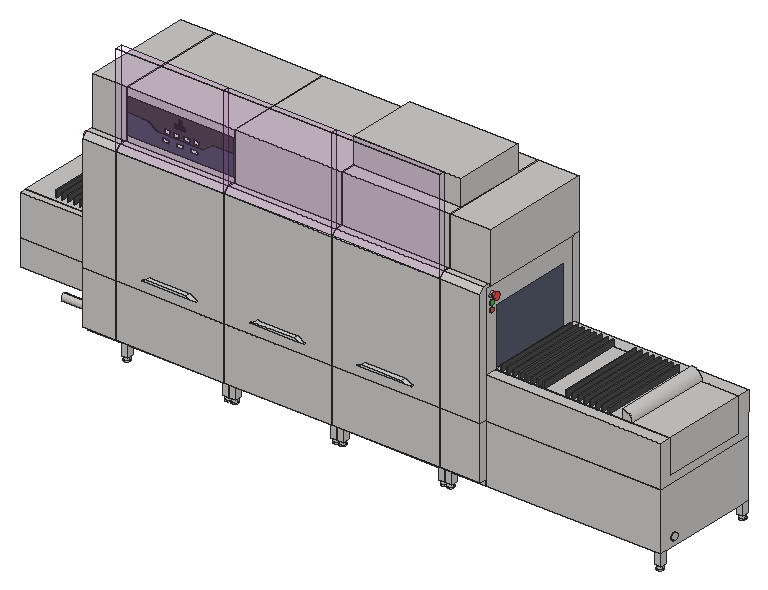
Revit family "QF_ELECTROLUXPROFESSIONAL_520710_EFTD052EL1U3D1M5L385", category Attrezzature speciali, Revit 2020
Family settings
  Quota connettore circolare = Usa diametro
  Tipo di parte = Normale
  Basato su piano di lavoro = No
  Sempre verticale = Sì
  Taglio con vuoti quando caricato = No
  Condiviso = No
  Punto di calcolo locali = No
Parameters (values of type "Standard")
  Weight = 923.00 kg
  Watts = 46500 W
  Volts = 380 V
  URL Manufacturer = "https://www.electroluxprofessional.com/"
  URL = "https://www.electroluxprofessional.com/"
  Steam Supply Size = 0 mm
  Steam Supply Minimum Pressure = 0.0 Pa
  Steam Supply Maximum Pressure = 0.0 Pa
  Steam Consumption per Hour = 0
  Show Logo [instance] = yes
  Show Clearance [instance] = yes
  Refrigeration Suction Line Size = 0 mm
  Refrigeration Liquid Line Size = 0 mm
  Refrigerant Compressor Remote = yes
  Prospetto di default = 0 mm
  Produttore = "Electrolux Professional"
  Phase = 3
  Modello = "EFTD052EL1U3D1M5L385"
  Length Actual = 4750 mm  # constant formula
  Item Number = "520710"
  Hot Water Size = 0 mm
  Height Actual = 1983 mm  # constant formula
  HP = "62.4 HP"
  Gas Size = 0 mm
  Gas KW = 0
  Gas Input Pressure = 0 W
  Direct Waste Size = 50.8 mm
  Descrizione = "FT, 1Tank, 5200D/H, El., 750mm loading, 1600mm unloading, 1Dryer, 55mm conveyor, L>R, 380V50Hz3P"
  Depth Actual = 946 mm  # constant formula
  Cycle = 50 Hz
  Condensate Return Size = 0 mm
  Compressed Air Volume = 0.0 L/s
  Compressed Air Size = 0 mm
  Compressed Air Pressure = 0.0 Pa
  Cold Water Size = 0 mm
  Accessory = yes
Reference planes
  plane 1 "Centro (Fronte/Retro)": y = 0
  plane 2: z = 0
  plane 3 "Centro (Sinistra/Destra)": x = 0
  plane 4: z = 115
Forms (mm)
  Extrusion 1, solid, material "QF_Finishes_Stainless Steel"
    sketch origin (432.404, 2, 1806.023) x (1, 0, 0) y (0, 0, 1)
      loop
        line (407.596, -163.023) -> (407.596, -183.023) -> (427.596, -183.023) -> (427.596, -163.023) -> (407.596, -163.023)
    from 0 to 2
  Extrusion 2, solid, material "QF_Finishes_Stainless Steel"
    sketch origin (4755.617, -1522.464, 1290.159) x (0, 0, -1) y (0, -1, 0)
      loop
        circle (1102.159, -772.464) r 25
    from -9.383 to 5.617
  Extrusion 3, solid, material "QF_Finishes_Stainless Steel"
    sketch origin (1092.404, 2, 337.984) x (1, 0, 0) y (0, 0, 1)
      loop
        line (407.596, -163.023) -> (407.596, -183.023) -> (427.596, -183.023) -> (427.596, -163.023) -> (407.596, -163.023)
    from 0 to 2
  Extrusion 4, solid, material "QF_Finishes_Stainless Steel"
    sketch origin (1526.841, 200.464, 109.383) x (1, 0, 0) y (0, 1, 0)
      loop
        circle (1102.159, -772.464) r 10
    from -9.383 to 5.617
  Extrusion 5, solid, material "QF_Finishes_Stainless Steel"
    sketch origin (244.383, 22.464, 1290.159) x (0, 0, -1) y (0, 1, 0)
      loop
        circle (1102.159, -772.464) r 25
    from -9.383 to 255.617
  Extrusion 6, solid, material "QF_Finishes_Stainless Steel"
    sketch origin (1597.841, 200.464, 109.383) x (1, 0, 0) y (0, 1, 0)
      loop
        circle (1102.159, -772.464) r 10
    from -9.383 to 5.617
Dimensions and locks
  plane 4 to level = 115 mm
  aligned and locked: level to plane 2
Nested families
  nested 1: "MODULO_CENTER_800_FAN" at (2733.563, -388.258, 0), Show Clearance <- "Show Clearance", type "MODULO_CENTER_800_FAN"
    with Show Logo yes, Show Clearance yes, R_L no, L_R yes
  nested 2: "MODULO_CENTER_800" at (1133.563, -388.258, 0), Show Clearance <- "Show Clearance", type "MODULO_CENTER_800"
    with Show Logo yes, Show Clearance yes, R_L no, L_R yes
  nested 3: "MODULO_ENTRY_DISH_750" at (358.563, -388.258, 0), type "MODULO_ENTRY_DISH_750"
    with Show Logo yes, Show Clearance yes, R_L no, L_R yes
  nested 4: "MODULO_USCITA_DISH_1600" at (3508.563, -388.258, 0), type "MODULO_USCITA_DISH_1600"
    with Show Logo yes, Show Clearance yes, R_L yes, L_R no
  nested 5: "Piedino_Square_115H" at (4726.5, -73.5, 0) x (-1, 0, 0) z (0, 0, 1), type "Piedino_Square_115H"
  nested 6: "Piedino_Square_115H" at (4726.5, -838.5, 0) x (-1, 0, 0) z (0, 0, 1), type "Piedino_Square_115H"
  nested 7: "Piedino_Square_115H" at (3173.5, -73.5, 0) x (-1, 0, 0) z (0, 0, 1), type "Piedino_Square_115H"
  nested 8: "Piedino_Square_115H" at (3173.5, -838.5, 0) x (-1, 0, 0) z (0, 0, 1), type "Piedino_Square_115H"
  nested 9: "Piedino_Square_115H" at (1573.5, -838.5, 0), type "Piedino_Square_115H"
  nested 10: "Piedino_Square_115H" at (1573.5, -73.5, 0), type "Piedino_Square_115H"
  nested 11: "Piedino_Square_115H" at (2326.5, -838.5, 0), type "Piedino_Square_115H"
  nested 12: "Piedino_Square_115H" at (2326.5, -73.5, 0), type "Piedino_Square_115H"
  nested 13: "Piedino_Square_115H" at (2373.5, -838.5, 0) x (-1, 0, 0) z (0, 0, 1), type "Piedino_Square_115H"
  nested 14: "Piedino_Square_115H" at (2373.5, -73.5, 0) x (-1, 0, 0) z (0, 0, 1), type "Piedino_Square_115H"
  nested 15: "Piedino_Square_115H" at (3126.5, -838.5, 0) x (-1, 0, 0) z (0, 0, 1), type "Piedino_Square_115H"
  nested 16: "Piedino_Square_115H" at (3126.5, -73.5, 0) x (-1, 0, 0) z (0, 0, 1), type "Piedino_Square_115H"
  nested 17: "Piedino_Square_115H" at (773.5, -838.5, 0), type "Piedino_Square_115H"
  nested 18: "Piedino_Square_115H" at (773.5, -73.5, 0), type "Piedino_Square_115H"
  nested 19: "Piedino_Square_115H" at (1526.5, -838.5, 0), type "Piedino_Square_115H"
  nested 20: "Piedino_Square_115H" at (1526.5, -73.5, 0), type "Piedino_Square_115H"
  nested 21: "MANIGLIA_FLIGHT_400" at (1150, -912, 639.28) x (1, 0, 0) z (0, -1, 0), type "MANIGLIA_FLIGHT_400"
  nested 22: "MANIGLIA_FLIGHT_400" at (2750, -912, 639.28) x (1, 0, 0) z (0, -1, 0), type "MANIGLIA_FLIGHT_400"
  nested 23: "MANIGLIA_FLIGHT_400" at (1950, -912, 639.28) x (1, 0, 0) z (0, -1, 0), type "MANIGLIA_FLIGHT_400"
  nested 24: "MODULO_CENTER_800" at (1966.437, -388.258, 0) x (-1, 0, 0) z (0, 0, 1), Show Clearance <- "Show Clearance", type "MODULO_CENTER_800"
    with Show Logo yes, Show Clearance yes, R_L no, L_R yes
  nested 25: "Schermo_Flight_800" at (1150, -815, 1583) x (1, 0, 0) z (0, -1, 0), type "Schermo_Flight_800"
  nested 26: "ELX_LOGO_WORDS_WHITE" at (1150, -816.6, 1663) x (1, 0, 0) z (0, -1, 0), Show Logo <- "Show Logo", visible <- "Show Logo", type "ELX_LOGO_WORDS_WHITE"
    with Show Logo yes
  nested 27: "ELX_LOGO_MONO_SMALL_WHITE" at (1140.08, -816.6, 1649) x (-1, 0, 0) z (0, -1, 0), Show Logo <- "Show Logo", visible <- "Show Logo", type "ELX_LOGO_MONO_SMALL_WHITE"
    with Show Logo yes
Connectors
  electrical at (850, 2, 1633)
    settings: on Extrusion 1, index 69, voltage 0 V, apparent load 0 VA, apparent load phase1 0 VA, apparent load phase2 0 VA, apparent load phase3 0 VA, power factor 1, load classification "Altro", number of poles 1, system type 30, power factor state 1, is connector primary yes, connector utility no, sub classification motor no, connector description "EI"
  piping at (4765, -750, 188), diameter 50
    settings: on Extrusion 2, index 70, connector inside diameter 609.6 mm, connector length 0 mm, flow factor 0, pipe flow 0.0 L/s, pressure drop 0.0 Pa, fitting loss kfactor 0, connector angle 0.00°, fixture units 0, engagement length 0 mm, angle of deflection 0.00°, flow configuration 0, flow direction 0, fitting loss method 0, system type 29, joint type 0, gender type 0, connector reference index -1, connector utility 0, adjustable connector no, is connector primary yes, connector description "D"
  electrical at (1510, 2, 164.961)
    settings: on Extrusion 3, index 71, voltage 0 V, apparent load 0 VA, apparent load phase1 0 VA, apparent load phase2 0 VA, apparent load phase3 0 VA, power factor 1, load classification "Altro", number of poles 1, system type 30, power factor state 1, is connector primary no, connector utility no, sub classification motor no, connector description "EQ"
  piping at (2629, -572, 100), diameter 19.1
    settings: on Extrusion 4, index 72, connector inside diameter 609.6 mm, connector length 0 mm, flow factor 0, pipe flow 0.0 L/s, pressure drop 0.0 Pa, fitting loss kfactor 0, connector angle 0.00°, fixture units 0, engagement length 0 mm, angle of deflection 0.00°, flow configuration 0, flow direction 0, fitting loss method 0, system type 29, joint type 0, gender type 0, connector reference index -1, connector utility 0, adjustable connector no, is connector primary no, connector description "HWI/CWI"
  piping at (235, -750, 188), diameter 50
    settings: on Extrusion 5, index 73, connector inside diameter 609.6 mm, connector length 0 mm, flow factor 0, pipe flow 0.0 L/s, pressure drop 0.0 Pa, fitting loss kfactor 0, connector angle 0.00°, fixture units 0, engagement length 0 mm, angle of deflection 0.00°, flow configuration 0, flow direction 0, fitting loss method 0, system type 29, joint type 0, gender type 0, connector reference index -1, connector utility 0, adjustable connector no, is connector primary no, connector description "D"
  piping at (2700, -572, 100), diameter 19.1
    settings: on Extrusion 6, index 74, connector inside diameter 609.6 mm, connector length 0 mm, flow factor 0, pipe flow 0.0 L/s, pressure drop 0.0 Pa, fitting loss kfactor 0, connector angle 0.00°, fixture units 0, engagement length 0 mm, angle of deflection 0.00°, flow configuration 0, flow direction 0, fitting loss method 0, system type 29, joint type 0, gender type 0, connector reference index -1, connector utility 0, adjustable connector no, is connector primary no, connector description "HWI/CWI"
Definition of nested family "MODULO_CENTER_800_FAN"
  Parameters (values of type "MODULO_CENTER_800_FAN")
    URL = "http://professional.electrolux.com"
    Show Logo [instance] = yes
    R_L [instance] = not(L_R)  # no
    Default Elevation = 0 mm
    Manufacturer = "Electrolux"
    Model = "ESR10E5"
    Length Actual = 800 mm
    Show Clearance [instance] = yes
    L_R [instance] = yes
    Height Actual = 1792 mm
    Description = "SINGLE RINSE RT, 100R/H, ELECTRIC 50HZ"
    Depth Actual = 912 mm
  Reference planes
    plane 1 "Center X": y = -67.742
    plane 2: z = 0
    plane 3 "LEFT": x = -383.563
    plane 4 "RIGHT": x = 416.437
    plane 5 "BACK": y = 388.258
    plane 6 "FEET": z = 115
    plane 7: z = 2092
    plane 8 "TOP": z = 1792
    plane 9 "FRONT": y = -523.742
    plane 10 "Left/Right": x = 16.437
    plane 11 "TopVent": z = 1983
  Forms (mm)
    Extrusion 1, solid
      sketch origin (416.437, 479.936, 4000) x (0, 1, 0) y (0, 0, 1)
        loop
          line (-91.678, -2208) -> (-906.678, -2208) -> (-906.678, -2580) -> (-91.678, -2580) -> (-91.678, -2208)
      from -800 to 0
    Extrusion 2, solid
      sketch origin (-383.563, 437.565, 3910) x (0, 1, 0) y (0, 0, 1)
        loop
          line (-99.307, -2490) -> (-911.307, -2490) -> (-911.307, -3552) -> (-99.307, -3552) -> (-99.307, -2490)
      from 800 to 0
    Extrusion 3, solid
      sketch origin (416.437, 479.936, 4299) x (0, 1, 0) y (0, 0, 1)
        loop
          line (-278.21, -2316) -> (-803.678, -2316) -> (-803.678, -2507) -> (-278.21, -2507) -> (-278.21, -2316)
      from -800 to 0
    Extrusion 4, solid
      sketch origin (16.437, 0, 1.5) x (0, 0, 1) y (0, -1, 0)
        loop
          line (356.5, -338.258) -> (356.5, 473.742) -> (113.5, 473.742) -> (113.5, -338.258) -> (356.5, -338.258)
      from 400 to -400
    Extrusion 5, solid
      sketch origin (16.437, 0, 0) x (0, 0, 1) y (0, -1, 0)
        loop
          line (1420, -338.258) -> (545, -338.258) -> (545, -388.258) -> (1420, -388.258) -> (1420, -338.258)
      from -400 to 400
    Extrusion 6, solid
      sketch origin (16.437, 0, 0) x (0, 0, 1) y (0, -1, 0)
        loop
          line (545, -388.258) -> (545, -338.258) -> (154, -338.258) -> (154, -388.258) -> (545, -388.258)
      from -400 to 400
    Extrusion 7, solid
      sketch origin (16.437, -882.484, -150) x (0, -1, 0) y (0, 0, 1)
        loop
          line (-358.742, 304) -> (-358.742, 695) -> (-408.742, 695) -> (-408.742, 304) -> (-358.742, 304)
      from -400 to 400
    Extrusion 8, solid
      sketch origin (16.437, -882.484, -151) x (0, -1, 0) y (0, 0, 1)
        loop
          line (-408.742, 1571) -> (-408.742, 696) -> (-358.742, 696) -> (-358.742, 1556) -> (-395.742, 1593) -> (-443.742, 1593) -> (-443.742, 1571) -> (-408.742, 1571)
      from -400 to 400
    Extrusion 9, solid, visible <- "Show Clearance"
      sketch origin (16.437, -882.484, 452) x (0, -1, 0) y (0, 0, 1)
        loop
          line (-408.742, 1640) -> (-408.742, 953.624) -> (-358.742, 953.624) -> (-358.742, 1640) -> (-408.742, 1640)
      from -400 to 400
  Dimensions and locks
    plane 3 "LEFT" to plane 4 "RIGHT" = 800 mm
    plane 5 "BACK" to plane 1 "Center X" to plane 9 "FRONT" = 456 mm, 456 mm
    plane 6 "FEET" to level = 115 mm  (x2)
    plane 6 "FEET" to plane 8 "TOP" = 1677 mm
    plane 5 "BACK" to plane 9 "FRONT" = 912 mm  (x2)
    plane 4 "RIGHT" to plane 3 "LEFT" = 800 mm
    plane 9 "FRONT" to plane 5 "BACK" = 912 mm
    level to plane 8 "TOP" = 1792 mm  (x2)
    plane 7 to level = 2092 mm
    plane 11 "TopVent" to plane 2 = 1983 mm
    plane 7 to plane 2 = 2092 mm
    Extrusion 2 to level = 1420 mm
    Extrusion 8 to level = 1442 mm
    plane 11 "TopVent" to level = 1983 mm
    aligned and locked: level to plane 2
Definition of nested family "MODULO_CENTER_800"
  Parameters (values of type "MODULO_CENTER_800")
    URL = "http://professional.electrolux.com"
    Show Logo [instance] = yes
    R_L [instance] = not(L_R)  # no
    Default Elevation = 0 mm
    Manufacturer = "Electrolux"
    Model = "ESR10E5"
    Length Actual = 800 mm
    Show Clearance [instance] = yes
    L_R [instance] = yes
    Height Actual = 1792 mm
    Description = "SINGLE RINSE RT, 100R/H, ELECTRIC 50HZ"
    Depth Actual = 912 mm
  Reference planes
    plane 1 "Center X": y = -67.742
    plane 2: z = 0
    plane 3 "LEFT": x = -383.563
    plane 4 "RIGHT": x = 416.437
    plane 5 "BACK": y = 388.258
    plane 6 "FEET": z = 115
    plane 7: z = 2092
    plane 8 "TOP": z = 1792
    plane 9 "FRONT": y = -523.742
    plane 10 "Left/Right": x = 16.437
  Forms (mm)
    Extrusion 1, solid
      sketch origin (416.437, 479.936, 4000) x (0, 1, 0) y (0, 0, 1)
        loop
          line (-91.678, -2208) -> (-906.678, -2208) -> (-906.678, -2580) -> (-91.678, -2580) -> (-91.678, -2208)
      from -800 to 0
    Extrusion 2, solid
      sketch origin (-383.563, 437.565, 3915) x (0, 1, 0) y (0, 0, 1)
        loop
          line (-99.307, -2495) -> (-911.307, -2495) -> (-911.307, -3557) -> (-99.307, -3557) -> (-99.307, -2495)
      from 800 to 0
    Extrusion 3, solid
      sketch origin (16.437, 0, 1.5) x (0, 0, 1) y (0, -1, 0)
        loop
          line (356.5, -338.258) -> (356.5, 473.742) -> (113.5, 473.742) -> (113.5, -338.258) -> (356.5, -338.258)
      from 400 to -400
    Extrusion 4, solid
      sketch origin (16.437, 0, 0) x (0, 0, 1) y (0, -1, 0)
        loop
          line (1420, -338.258) -> (545, -338.258) -> (545, -388.258) -> (1420, -388.258) -> (1420, -338.258)
      from -400 to 400
    Extrusion 5, solid
      sketch origin (16.437, 0, 0) x (0, 0, 1) y (0, -1, 0)
        loop
          line (545, -388.258) -> (545, -338.258) -> (154, -338.258) -> (154, -388.258) -> (545, -388.258)
      from -400 to 400
    Extrusion 6, solid
      sketch origin (16.437, -882.484, -150) x (0, -1, 0) y (0, 0, 1)
        loop
          line (-358.742, 304) -> (-358.742, 695) -> (-408.742, 695) -> (-408.742, 304) -> (-358.742, 304)
      from -400 to 400
    Extrusion 7, solid
      sketch origin (16.437, -882.484, -151) x (0, -1, 0) y (0, 0, 1)
        loop
          line (-408.742, 1571) -> (-408.742, 696) -> (-358.742, 696) -> (-358.742, 1556) -> (-395.742, 1593) -> (-443.742, 1593) -> (-443.742, 1571) -> (-408.742, 1571)
      from -400 to 400
    Extrusion 8, solid, visible <- "Show Clearance"
      sketch origin (16.437, -882.484, 452) x (0, -1, 0) y (0, 0, 1)
        loop
          line (-408.742, 1640) -> (-408.742, 953.624) -> (-358.742, 953.624) -> (-358.742, 1640) -> (-408.742, 1640)
      from -400 to 400
  Dimensions and locks
    plane 3 "LEFT" to plane 4 "RIGHT" = 800 mm
    plane 5 "BACK" to plane 1 "Center X" to plane 9 "FRONT" = 456 mm, 456 mm
    plane 6 "FEET" to level = 115 mm  (x2)
    plane 6 "FEET" to plane 8 "TOP" = 1677 mm
    plane 5 "BACK" to plane 9 "FRONT" = 912 mm  (x2)
    plane 4 "RIGHT" to plane 3 "LEFT" = 800 mm
    plane 9 "FRONT" to plane 5 "BACK" = 912 mm
    level to plane 8 "TOP" = 1792 mm  (x2)
    plane 7 to level = 2092 mm
    plane 7 to plane 2 = 2092 mm
    Extrusion 2 to level = 1420 mm
    Extrusion 7 to level = 1442 mm
    aligned and locked: level to plane 2
Definition of nested family "MODULO_ENTRY_DISH_750"
  Parameters (values of type "MODULO_ENTRY_DISH_750")
    URL = "http://professional.electrolux.com"
    Show Logo [instance] = yes
    R_L [instance] = not(L_R)  # no
    Default Elevation = 0 mm
    Manufacturer = "Electrolux"
    Model = "ESR10E5"
    Length Actual = 800 mm
    Show Clearance [instance] = yes
    L_R [instance] = yes
    Height Actual = 1792 mm
    Description = "SINGLE RINSE RT, 100R/H, ELECTRIC 50HZ"
    Depth Actual = 912 mm
  Reference planes
    plane 1 "Center (Front/Back)": y = -67.742
    plane 2: z = 0
    plane 3 "LEFT": x = -358.563
    plane 4 "RIGHT": x = 391.437
    plane 5 "BACK": y = 388.258
    plane 6 "FRONT": y = -523.742
    plane 7 "Left/Right": x = 16.437
    plane 8 "BUTTONS": y = -427.742
    plane 9: z = 115
    plane 10 "2": y = 292.258
  Forms (mm)
    Extrusion 1, solid, visible <- "L_R"
      sketch origin (391.437, 479.936, 4000) x (0, 1, 0) y (0, 0, 1)
        loop
          line (-91.678, -2208) -> (-906.678, -2208) -> (-906.678, -2580) -> (-91.678, -2580) -> (-91.678, -2208)
      from -250 to 0
    Extrusion 2, solid
      sketch origin (-358.563, 437.565, 3910) x (0, 1, 0) y (0, 0, 1)
        loop
          line (-99.307, -2490) -> (-911.307, -2490) -> (-911.307, -3552) -> (-99.307, -3552) -> (-99.307, -2490)
      from 750 to 500
    Extrusion 3, solid
      sketch origin (-358.563, 437.565, 3910) x (0, 1, 0) y (0, 0, 1)
        loop
          line (-99.307, -3365) -> (-99.307, -3060) -> (-149.307, -3060) -> (-149.307, -3315) -> (-861.307, -3315) -> (-861.307, -3060) -> (-911.307, -3060) -> (-911.307, -3365) -> (-99.307, -3365)
      from 500 to 0
    Extrusion 4, solid
      sketch origin (16.437, 0, -4.987) x (0, 0, 1) y (0, -1, 0)
        loop
          line (362.987, -338.258) -> (362.987, 473.742) -> (119.987, 473.742) -> (119.987, -338.258) -> (362.987, -338.258)
      from 375 to 125
    Extrusion 5, solid, visible <- "L_R"
      sketch origin (16.437, 0, 0) x (0, 0, 1) y (0, -1, 0)
        loop
          line (1420, -338.258) -> (545, -338.258) -> (545, -388.258) -> (1420, -388.258) -> (1420, -338.258)
      from 125 to 375
    Extrusion 6, solid
      sketch origin (16.437, 0, 0) x (0, 0, 1) y (0, -1, 0)
        loop
          line (545, -388.258) -> (545, -338.258) -> (154, -338.258) -> (154, -388.258) -> (545, -388.258)
      from 125 to 375
    Extrusion 7, solid
      sketch origin (-358.563, 437.565, 3607.258) x (0, 1, 0) y (0, 0, 1)
        loop
          line (-99.307, -3249.258) -> (-99.307, -3062.258) -> (-911.307, -3062.258) -> (-911.307, -3249.258) -> (-99.307, -3249.258)
      from 500 to 0
    Extrusion 8, solid
      sketch origin (-358.563, 437.565, 4000) x (0, 1, 0) y (0, 0, 1)
        loop
          line (-149.307, -3150) -> (-861.307, -3150) -> (-861.307, -3405) -> (-149.307, -3405) -> (-149.307, -3150)
      from 0 to 500
    Extrusion 9, solid
      sketch origin (266.437, -882.484, -150) x (0, -1, 0) y (0, 0, 1)
        loop
          line (-358.742, 304) -> (-358.742, 695) -> (-408.742, 695) -> (-408.742, 304) -> (-358.742, 304)
      from -125 to 125
    Extrusion 10, solid, visible <- "L_R"
      sketch origin (266.437, -882.484, -151) x (0, -1, 0) y (0, 0, 1)
        loop
          line (-408.742, 1571) -> (-408.742, 696) -> (-358.742, 696) -> (-358.742, 1556) -> (-395.742, 1593) -> (-443.742, 1593) -> (-443.742, 1571) -> (-408.742, 1571)
      from -125 to 125
    Extrusion 11, solid
      sketch origin (-358.563, 437.565, 4000) x (0, 1, 0) y (0, 0, 1)
        loop
          line (-199.307, -2725.701) -> (-811.307, -2725.701) -> (-811.307, -3137.701) -> (-199.307, -3137.701) -> (-199.307, -2725.701)
      from 495.458 to 500
    Extrusion 12, solid, visible <- "R_L"
      sketch origin (266.437, 747, -151) x (0, 1, 0) y (0, 0, -1)
        loop
          line (-408.742, -1571) -> (-443.742, -1571) -> (-443.742, -1593) -> (-395.742, -1593) -> (-358.742, -1556) -> (-358.742, -696) -> (-408.742, -696) -> (-408.742, -1571)
      from -125 to 125
    Extrusion 13, solid, visible <- "R_L"
      sketch origin (16.437, -135.484, 0) x (0, 0, 1) y (0, -1, 0)
        loop
          line (1420, 338.258) -> (1420, 388.258) -> (545, 388.258) -> (545, 338.258) -> (1420, 338.258)
      from 125 to 375
    Extrusion 14, solid, visible <- "R_L"
      sketch origin (391.437, -615.42, 4000) x (0, -1, 0) y (0, 0, -1)
        loop
          line (-91.678, 2208) -> (-91.678, 2580) -> (-906.678, 2580) -> (-906.678, 2208) -> (-91.678, 2208)
      from -250 to 0
    Extrusion 15, solid
      sketch origin (-191.477, -192.742, -3) x (-1, 0, 0) y (0, 0, 1)
        loop
          line (-26.676, 853) -> (-26.676, 898) -> (-36.676, 898) -> (-36.676, 853) -> (-26.676, 853)
      from -196 to 446
    Extrusion 16, solid
      sketch origin (-146.477, -192.742, -3) x (-1, 0, 0) y (0, 0, 1)
        loop
          line (-26.676, 853) -> (-26.676, 898) -> (-36.676, 898) -> (-36.676, 853) -> (-26.676, 853)
      from -196 to 446
    Extrusion 17, solid
      sketch origin (-101.477, -192.742, -3) x (-1, 0, 0) y (0, 0, 1)
        loop
          line (-26.676, 853) -> (-26.676, 898) -> (-36.676, 898) -> (-36.676, 853) -> (-26.676, 853)
      from -196 to 446
    Extrusion 18, solid
      sketch origin (-56.477, -192.742, -3) x (-1, 0, 0) y (0, 0, 1)
        loop
          line (-26.676, 853) -> (-26.676, 898) -> (-36.676, 898) -> (-36.676, 853) -> (-26.676, 853)
      from -196 to 446
    Extrusion 19, solid
      sketch origin (-11.477, -192.742, -3) x (-1, 0, 0) y (0, 0, 1)
        loop
          line (-26.676, 853) -> (-26.676, 898) -> (-36.676, 898) -> (-36.676, 853) -> (-26.676, 853)
      from -196 to 446
    Extrusion 20, solid
      sketch origin (33.523, -192.742, -3) x (-1, 0, 0) y (0, 0, 1)
        loop
          line (-26.676, 853) -> (-26.676, 898) -> (-36.676, 898) -> (-36.676, 853) -> (-26.676, 853)
      from -196 to 446
  Dimensions and locks
    plane 3 "LEFT" to plane 4 "RIGHT" = 750 mm
    plane 5 "BACK" to plane 1 "Center (Front/Back)" to plane 6 "FRONT" = 456 mm, 456 mm
    plane 5 "BACK" to plane 6 "FRONT" = 912 mm  (x2)
    plane 4 "RIGHT" to plane 3 "LEFT" = 750 mm  (x2)
    plane 6 "FRONT" to plane 5 "BACK" = 912 mm
    plane 9 to level = 115 mm
    Extrusion 1 to level = 1792 mm
    Extrusion 3 to level = 850 mm
    aligned and locked: level to plane 2
  Nested families
    nested 1: "BOTTONE_RED_STOP" at (141.437, -427.742, 1266.906) x (0, -1, 0) z (-1, 0, 0), visible <- "L_R", type "BOTTONE_RED_STOP"
    nested 2: "BOTTONE_EMERGENCY_STOP" at (141.437, -427.742, 1370) x (0, -1, 0) z (-1, 0, 0), visible <- "L_R", type "BOTTONE_EMERGENCY_STOP"
    nested 3: "BOTTONE_GREEN_START" at (141.437, -427.742, 1316.906) x (0, -1, 0) z (-1, 0, 0), visible <- "L_R", type "BOTTONE_GREEN_START"
    nested 4: "BOTTONE_RED_STOP" at (141.437, 292.258, 1267.906) x (0, 1, 0) z (-1, 0, 0), visible <- "R_L", type "BOTTONE_RED_STOP"
    nested 5: "BOTTONE_EMERGENCY_STOP" at (141.437, 292.258, 1371) x (0, 1, 0) z (-1, 0, 0), visible <- "R_L", type "BOTTONE_EMERGENCY_STOP"
    nested 6: "BOTTONE_GREEN_START" at (141.437, 292.258, 1317.906) x (0, 1, 0) z (-1, 0, 0), visible <- "R_L", type "BOTTONE_GREEN_START"
  Definition of nested family "BOTTONE_RED_STOP"
    Parameters (values of type "BOTTONE_RED_STOP")
      Default Elevation = 1219.2 mm
    Reference planes
      plane 1 "Centro (Fronte/Retro)": y = 0
      plane 2: z = 0
      plane 3 "Centro (Sinistra/Destra)": x = 0
    Forms (mm)
      Extrusion 1, solid
        sketch origin (0, 0, 0) x (1, 0, 0) y (0, 1, 0)
          loop
            line (-1219.2, 1219.2) -> (-1219.2, -1219.2) -> (1219.2, -1219.2) -> (1219.2, 1219.2) -> (-1219.2, 1219.2)
        from 0 to -304.8
      Extrusion 2, solid
        sketch origin (-367.513, 69.533, 15) x (-1, 0, 0) y (0, 1, 0)
          loop
            circle (-367.513, -69.533) r 15
        from 0 to 15
    Dimensions and locks
      aligned and locked: plane 2 to Extrusion 1
      aligned and locked: level to Extrusion 1
  Definition of nested family "BOTTONE_EMERGENCY_STOP"
    Parameters
      Default Elevation = 1219.2 mm
    Reference planes
      plane 1 "Centro (Fronte/Retro)": y = 0
      plane 2: z = 0
      plane 3 "Centro (Sinistra/Destra)": x = 0
    Forms (mm)
      Extrusion 1, solid
        sketch origin (0, 0, 0) x (1, 0, 0) y (0, 1, 0)
          loop
            line (-1219.2, 1219.2) -> (-1219.2, -1219.2) -> (1219.2, -1219.2) -> (1219.2, 1219.2) -> (-1219.2, 1219.2)
        from 0 to -304.8
      Extrusion 2, solid
        sketch origin (0, 0, 0) x (1, 0, 0) y (0, 1, 0)
          loop
            circle (0, 0) r 15
        from 0 to 20.273
      Blend 3, solid
        base sketch origin (-49.801, 0, 0) x (1, 0, 0) y (0, 1, 0)
          loop
            circle (49.801, 0) r 15
        top sketch origin (-49.801, 0, 0) x (1, 0, 0) y (0, 1, 0)
          loop
            circle (49.801, 0) r 25
        from 20.273 to 47.605
    Dimensions and locks
      aligned and locked: plane 2 to Extrusion 1
      aligned and locked: level to Extrusion 1
  Definition of nested family "BOTTONE_GREEN_START"
    Parameters (values of type "BOTTONE_GREEN_START")
      Default Elevation = 1219.2 mm
    Reference planes
      plane 1 "Centro (Fronte/Retro)": y = 0
      plane 2: z = 0
      plane 3 "Centro (Sinistra/Destra)": x = 0
    Forms (mm)
      Extrusion 1, solid
        sketch origin (0, 0, 0) x (1, 0, 0) y (0, 1, 0)
          loop
            line (-1219.2, 1219.2) -> (-1219.2, -1219.2) -> (1219.2, -1219.2) -> (1219.2, 1219.2) -> (-1219.2, 1219.2)
        from 0 to -304.8
      Extrusion 2, solid
        sketch origin (-367.513, 69.533, 15) x (-1, 0, 0) y (0, 1, 0)
          loop
            circle (-367.513, -69.533) r 15
        from 0 to 15
    Dimensions and locks
      aligned and locked: plane 2 to Extrusion 1
      aligned and locked: level to Extrusion 1
Definition of nested family "MODULO_USCITA_DISH_1600"
  Parameters (values of type "MODULO_USCITA_DISH_1600")
    URL = "http://professional.electrolux.com"
    Show Logo [instance] = yes
    R_L [instance] = not(L_R)  # yes
    Default Elevation = 0 mm
    Manufacturer = "Electrolux"
    Model = "ESR10E5"
    Length Actual = 800 mm
    Show Clearance [instance] = yes
    L_R [instance] = no
    Height Actual = 1792 mm
    Description = "SINGLE RINSE RT, 100R/H, ELECTRIC 50HZ"
    Depth Actual = 912 mm
  Reference planes
    plane 1 "Center (Front/Back)": y = -67.742
    plane 2: z = 0
    plane 3 "LEFT": x = -358.563
    plane 4 "BACK": y = 388.258
    plane 5 "FEET": z = 115
    plane 6 "TOP": z = 1792
    plane 7 "FRONT": y = -523.742
    plane 8: x = -358.563
    plane 9: y = -427.742
    plane 10 "RIGHT": x = 1241.437
  Forms (mm)
    Extrusion 1, solid, visible <- "R_L"
      sketch origin (-358.563, 479.936, 4003) x (0, 1, 0) y (0, 0, -1)
        loop
          line (-91.678, 2211) -> (-91.678, 2583) -> (-906.678, 2583) -> (-906.678, 2211) -> (-91.678, 2211)
      from -300 to 0
    Extrusion 2, solid
      sketch origin (-358.563, 437.565, 4003) x (0, 1, 0) y (0, 0, 1)
        loop
          line (-99.307, -3458) -> (-911.307, -3458) -> (-911.307, -3888) -> (-99.307, -3888) -> (-99.307, -3458)
      from 300 to 0
    Extrusion 3, solid
      sketch origin (-358.563, 479.936, 4003) x (0, 1, 0) y (0, 0, -1)
        loop
          line (-141.678, 2583) -> (-141.678, 3458) -> (-953.678, 3458) -> (-953.678, 2583) -> (-141.678, 2583)
      from -300 to 0
    Extrusion 4, solid
      sketch origin (391.437, 437.565, 3913) x (0, 1, 0) y (0, 0, -1)
        loop
          line (-99.307, 3368) -> (-911.307, 3368) -> (-911.307, 3063) -> (-826.307, 3063) -> (-826.307, 3318) -> (-184.307, 3318) -> (-184.307, 3063) -> (-99.307, 3063) -> (-99.307, 3368)
      from 450 to -850
    Extrusion 5, solid, visible <- "R_L"
      sketch origin (16.437, 0, 3) x (0, 0, 1) y (0, 1, 0)
        loop
          line (1417, 338.258) -> (1417, 388.258) -> (542, 388.258) -> (542, 338.258) -> (1417, 338.258)
      from 75 to 375
    Extrusion 6, solid
      sketch origin (16.437, 0, 3) x (0, 0, 1) y (0, 1, 0)
        loop
          line (542, 388.258) -> (151, 388.258) -> (151, 338.258) -> (542, 338.258) -> (542, 388.258)
      from 75 to 375
    Extrusion 7, solid
      sketch origin (391.437, 437.565, 3610.258) x (0, 1, 0) y (0, 0, -1)
        loop
          line (-99.307, 3495.258) -> (-911.307, 3495.258) -> (-911.307, 3065.258) -> (-99.307, 3065.258) -> (-99.307, 3495.258)
      from 450 to -850
    Extrusion 8, solid
      sketch origin (1241.437, 0, 3) x (0, 1, 0) y (0, 0, 1)
        loop
          line (253.258, 847) -> (-388.742, 847) -> (-388.742, 592) -> (253.258, 592) -> (253.258, 847)
      from 0 to -1300
    Extrusion 9, solid
      sketch origin (-358.563, 437.565, 3928) x (0, 1, 0) y (0, 0, 1)
        loop
          line (-811.307, -3065.701) -> (-199.307, -3065.701) -> (-199.307, -2653.701) -> (-811.307, -2653.701) -> (-811.307, -3065.701)
      from 300 to 304.77
    Extrusion 10, solid
      sketch origin (-208.563, -115, -147) x (0, 1, 0) y (0, 0, 1)
        loop
          line (-358.742, 301) -> (-358.742, 692) -> (-408.742, 692) -> (-408.742, 301) -> (-358.742, 301)
      from -150 to 150
    Extrusion 11, solid, visible <- "R_L"
      sketch origin (-208.563, -882.484, -151) x (0, -1, 0) y (0, 0, 1)
        loop
          line (-408.742, 1571) -> (-408.742, 696) -> (-358.742, 696) -> (-358.742, 1556) -> (-395.742, 1593) -> (-443.742, 1593) -> (-443.742, 1571) -> (-408.742, 1571)
      from -150 to 150
    Extrusion 12, solid
      sketch origin (-39.574, -192.742, -3) x (-1, 0, 0) y (0, 0, 1)
        loop
          line (-26.676, 853) -> (-26.676, 898) -> (-36.676, 898) -> (-36.676, 853) -> (-26.676, 853)
      from -196 to 446
    Extrusion 13, solid
      sketch origin (5.426, -192.742, -3) x (-1, 0, 0) y (0, 0, 1)
        loop
          line (-26.676, 853) -> (-26.676, 898) -> (-36.676, 898) -> (-36.676, 853) -> (-26.676, 853)
      from -196 to 446
    Extrusion 14, solid
      sketch origin (50.426, -192.742, -3) x (-1, 0, 0) y (0, 0, 1)
        loop
          line (-26.676, 853) -> (-26.676, 898) -> (-36.676, 898) -> (-36.676, 853) -> (-26.676, 853)
      from -196 to 446
    Extrusion 15, solid
      sketch origin (95.426, -192.742, -3) x (-1, 0, 0) y (0, 0, 1)
        loop
          line (-26.676, 853) -> (-26.676, 898) -> (-36.676, 898) -> (-36.676, 853) -> (-26.676, 853)
      from -196 to 446
    Extrusion 16, solid
      sketch origin (140.426, -192.742, -3) x (-1, 0, 0) y (0, 0, 1)
        loop
          line (-26.676, 853) -> (-26.676, 898) -> (-36.676, 898) -> (-36.676, 853) -> (-26.676, 853)
      from -196 to 446
    Extrusion 17, solid
      sketch origin (185.426, -192.742, -3) x (-1, 0, 0) y (0, 0, 1)
        loop
          line (-26.676, 853) -> (-26.676, 898) -> (-36.676, 898) -> (-36.676, 853) -> (-26.676, 853)
      from -196 to 446
    Extrusion 18, solid
      sketch origin (230.426, -192.742, -3) x (-1, 0, 0) y (0, 0, 1)
        loop
          line (-26.676, 853) -> (-26.676, 898) -> (-36.676, 898) -> (-36.676, 853) -> (-26.676, 853)
      from -196 to 446
    Extrusion 19, solid
      sketch origin (275.426, -192.742, -3) x (-1, 0, 0) y (0, 0, 1)
        loop
          line (-26.676, 853) -> (-26.676, 898) -> (-36.676, 898) -> (-36.676, 853) -> (-26.676, 853)
      from -196 to 446
    Revolve 20, solid
      sketch origin (460, 0, 850) x (1, 0, 0) y (0, 1, 0)
        loop
          line (430.204, 253.258) -> (430.204, -388.742) -> (502.335, -388.742) -> (502.335, 253.258) -> (430.204, 253.258)
        axis (430.204, 253.258) -> (430.204, -388.742)
      angle from 0 to -90
    Extrusion 21, solid, visible <- "L_R"
      sketch origin (-208.563, 747, -151) x (0, 1, 0) y (0, 0, -1)
        loop
          line (-408.742, -1571) -> (-443.742, -1571) -> (-443.742, -1593) -> (-395.742, -1593) -> (-358.742, -1556) -> (-358.742, -696) -> (-408.742, -696) -> (-408.742, -1571)
      from -150 to 150
    Extrusion 22, solid, visible <- "L_R"
      sketch origin (16.437, -135.484, 3) x (0, 0, 1) y (0, 1, 0)
        loop
          line (1417, -338.258) -> (542, -338.258) -> (542, -388.258) -> (1417, -388.258) -> (1417, -338.258)
      from 75 to 375
    Extrusion 23, solid, visible <- "L_R"
      sketch origin (-358.563, -615.42, 4003) x (0, -1, 0) y (0, 0, 1)
        loop
          line (-91.678, -2211) -> (-906.678, -2211) -> (-906.678, -2583) -> (-91.678, -2583) -> (-91.678, -2211)
      from -300 to 0
    Extrusion 24, solid
      sketch origin (440.426, -192.742, -3) x (-1, 0, 0) y (0, 0, 1)
        loop
          line (-26.676, 853) -> (-26.676, 898) -> (-36.676, 898) -> (-36.676, 853) -> (-26.676, 853)
      from -196 to 446
    Extrusion 25, solid
      sketch origin (485.426, -192.742, -3) x (-1, 0, 0) y (0, 0, 1)
        loop
          line (-26.676, 853) -> (-26.676, 898) -> (-36.676, 898) -> (-36.676, 853) -> (-26.676, 853)
      from -196 to 446
    Extrusion 26, solid
      sketch origin (530.426, -192.742, -3) x (-1, 0, 0) y (0, 0, 1)
        loop
          line (-26.676, 853) -> (-26.676, 898) -> (-36.676, 898) -> (-36.676, 853) -> (-26.676, 853)
      from -196 to 446
    Extrusion 27, solid
      sketch origin (575.426, -192.742, -3) x (-1, 0, 0) y (0, 0, 1)
        loop
          line (-26.676, 853) -> (-26.676, 898) -> (-36.676, 898) -> (-36.676, 853) -> (-26.676, 853)
      from -196 to 446
    Extrusion 28, solid
      sketch origin (620.426, -192.742, -3) x (-1, 0, 0) y (0, 0, 1)
        loop
          line (-26.676, 853) -> (-26.676, 898) -> (-36.676, 898) -> (-36.676, 853) -> (-26.676, 853)
      from -196 to 446
    Extrusion 29, solid
      sketch origin (665.426, -192.742, -3) x (-1, 0, 0) y (0, 0, 1)
        loop
          line (-26.676, 853) -> (-26.676, 898) -> (-36.676, 898) -> (-36.676, 853) -> (-26.676, 853)
      from -196 to 446
    Extrusion 30, solid
      sketch origin (710.426, -192.742, -3) x (-1, 0, 0) y (0, 0, 1)
        loop
          line (-26.676, 853) -> (-26.676, 898) -> (-36.676, 898) -> (-36.676, 853) -> (-26.676, 853)
      from -196 to 446
    Extrusion 31, solid
      sketch origin (755.426, -192.742, -3) x (-1, 0, 0) y (0, 0, 1)
        loop
          line (-26.676, 853) -> (-26.676, 898) -> (-36.676, 898) -> (-36.676, 853) -> (-26.676, 853)
      from -196 to 446
  Dimensions and locks
    plane 4 "BACK" to plane 1 "Center (Front/Back)" to plane 7 "FRONT" = 456 mm, 456 mm
    plane 5 "FEET" to level = 115 mm  (x2)
    plane 4 "BACK" to plane 7 "FRONT" = 912 mm  (x2)
    plane 7 "FRONT" to plane 4 "BACK" = 912 mm
    level to plane 6 "TOP" = 1792 mm
    plane 3 "LEFT" to plane 10 "RIGHT" = 1600 mm
    plane 8 to plane 10 "RIGHT" = 1600 mm
    plane 6 "TOP" to level = 1792 mm
    aligned and locked: level to plane 2
  Nested families
    nested 1: "BOTTONE_EMERGENCY_STOP" at (-58.563, -427.742, 1369) x (0, -1, 0) z (1, 0, 0), visible <- "R_L", type "BOTTONE_EMERGENCY_STOP"
    nested 2: "BOTTONE_GREEN_START" at (-58.563, -427.742, 1315.906) x (0, -1, 0) z (1, 0, 0), visible <- "R_L", type "BOTTONE_GREEN_START"
    nested 3: "BOTTONE_RED_STOP" at (-58.563, -427.742, 1265.906) x (0, -1, 0) z (1, 0, 0), visible <- "R_L", type "BOTTONE_RED_STOP"
    nested 4: "BOTTONE_EMERGENCY_STOP" at (-58.563, 292.258, 1369) x (0, 1, 0) z (1, 0, 0), visible <- "L_R", type "BOTTONE_EMERGENCY_STOP"
    nested 5: "BOTTONE_GREEN_START" at (-58.563, 292.258, 1315.906) x (0, 1, 0) z (1, 0, 0), visible <- "L_R", type "BOTTONE_GREEN_START"
    nested 6: "BOTTONE_RED_STOP" at (-58.563, 292.258, 1265.906) x (0, 1, 0) z (1, 0, 0), visible <- "L_R", type "BOTTONE_RED_STOP"
  Definition of nested family "BOTTONE_EMERGENCY_STOP"
    Parameters
      Default Elevation = 1219.2 mm
    Reference planes
      plane 1 "Centro (Fronte/Retro)": y = 0
      plane 2: z = 0
      plane 3 "Centro (Sinistra/Destra)": x = 0
    Forms (mm)
      Extrusion 1, solid
        sketch origin (0, 0, 0) x (1, 0, 0) y (0, 1, 0)
          loop
            line (-1219.2, 1219.2) -> (-1219.2, -1219.2) -> (1219.2, -1219.2) -> (1219.2, 1219.2) -> (-1219.2, 1219.2)
        from 0 to -304.8
      Extrusion 2, solid
        sketch origin (0, 0, 0) x (1, 0, 0) y (0, 1, 0)
          loop
            circle (0, 0) r 15
        from 0 to 20.273
      Blend 3, solid
        base sketch origin (-49.801, 0, 0) x (1, 0, 0) y (0, 1, 0)
          loop
            circle (49.801, 0) r 15
        top sketch origin (-49.801, 0, 0) x (1, 0, 0) y (0, 1, 0)
          loop
            circle (49.801, 0) r 25
        from 20.273 to 47.605
    Dimensions and locks
      aligned and locked: plane 2 to Extrusion 1
      aligned and locked: level to Extrusion 1
  Definition of nested family "BOTTONE_GREEN_START"
    Parameters (values of type "BOTTONE_GREEN_START")
      Default Elevation = 1219.2 mm
    Reference planes
      plane 1 "Centro (Fronte/Retro)": y = 0
      plane 2: z = 0
      plane 3 "Centro (Sinistra/Destra)": x = 0
    Forms (mm)
      Extrusion 1, solid
        sketch origin (0, 0, 0) x (1, 0, 0) y (0, 1, 0)
          loop
            line (-1219.2, 1219.2) -> (-1219.2, -1219.2) -> (1219.2, -1219.2) -> (1219.2, 1219.2) -> (-1219.2, 1219.2)
        from 0 to -304.8
      Extrusion 2, solid
        sketch origin (-367.513, 69.533, 15) x (-1, 0, 0) y (0, 1, 0)
          loop
            circle (-367.513, -69.533) r 15
        from 0 to 15
    Dimensions and locks
      aligned and locked: plane 2 to Extrusion 1
      aligned and locked: level to Extrusion 1
  Definition of nested family "BOTTONE_RED_STOP"
    Parameters (values of type "BOTTONE_RED_STOP")
      Default Elevation = 1219.2 mm
    Reference planes
      plane 1 "Centro (Fronte/Retro)": y = 0
      plane 2: z = 0
      plane 3 "Centro (Sinistra/Destra)": x = 0
    Forms (mm)
      Extrusion 1, solid
        sketch origin (0, 0, 0) x (1, 0, 0) y (0, 1, 0)
          loop
            line (-1219.2, 1219.2) -> (-1219.2, -1219.2) -> (1219.2, -1219.2) -> (1219.2, 1219.2) -> (-1219.2, 1219.2)
        from 0 to -304.8
      Extrusion 2, solid
        sketch origin (-367.513, 69.533, 15) x (-1, 0, 0) y (0, 1, 0)
          loop
            circle (-367.513, -69.533) r 15
        from 0 to 15
    Dimensions and locks
      aligned and locked: plane 2 to Extrusion 1
      aligned and locked: level to Extrusion 1
Definition of nested family "Piedino_Square_115H"
  Parameters (values of type "Piedino_Square_115H")
    Default Elevation = 0 mm
  Reference planes
    plane 1 "Centro (Fronte/Retro)": y = 0
    plane 2: z = 0
    plane 3 "Centro (Sinistra/Destra)": x = 0
    plane 4: z = 115
  Forms (mm)
    Extrusion 1, solid
      sketch origin (0, 0, 0) x (1, 0, 0) y (0, 1, 0)
        loop
          circle (0, 0) r 23
      from 0 to 5
    Extrusion 2, solid
      sketch origin (0, 0, 5) x (1, 0, 0) y (0, 1, 0)
        loop
          circle (0, 0) r 20
      from 0 to 25.777
    Extrusion 3, solid
      sketch origin (0, 0, 30.777) x (1, 0, 0) y (0, 1, 0)
        loop
          line (-23.5, 23.5) -> (-23.5, -23.5) -> (23.5, -23.5) -> (23.5, 23.5) -> (-23.5, 23.5)
      from 0 to 84.223
  Dimensions and locks
    plane 4 to level = 115 mm  (x2)
    radius of Extrusion 1 sketch curve = 23 mm
    aligned and locked: level to plane 2
    aligned and locked: Extrusion 1 to level
Definition of nested family "MANIGLIA_FLIGHT_400"
  Parameters
    Default Elevation = 1219.2 mm
  Reference planes
    plane 1 "Centro (Fronte/Retro)": y = 0
    plane 2: z = 0
    plane 3 "Centro (Sinistra/Destra)": x = 0
  Forms (mm)
    Extrusion 1, solid
      sketch origin (0, 0, 0) x (1, 0, 0) y (0, 1, 0)
        loop
          line (-1219.2, 1219.2) -> (-1219.2, -1219.2) -> (1219.2, -1219.2) -> (1219.2, 1219.2) -> (-1219.2, 1219.2)
      from 0 to -304.8
    Extrusion 2, solid
      sketch origin (-503, 656.113, -50) x (-1, 0, 0) y (0, 1, 0)
        loop
          line (-651.038, -638.613) -> (-703, -668.613) -> (-703, -673.613) -> (-658.503, -673.613) -> (-623.862, -653.613) -> (-382.138, -653.613) -> (-347.497, -673.613) -> (-303, -673.613) -> (-303, -668.613) -> (-354.962, -638.613) -> (-651.038, -638.613)
      from -86.258 to -50
    Extrusion 3, void
      sketch origin (0, -681.887, 358.742) x (0, 0, 1) y (0, 1, 0)
        loop
          line (-322.484, 684.387) -> (-353.281, 664.387) -> (-322.484, 664.387) -> (-322.484, 684.387)
      from -200 to 200
  Cuts and joins
    Extrusion 3 cuts Extrusion 2
  Dimensions and locks
    cut or joined group of Extrusion 2, Extrusion 3 to cut or joined group of Extrusion 2, Extrusion 3 = 400 mm
    cut or joined group of Extrusion 2, Extrusion 3 to cut or joined group of Extrusion 2, Extrusion 3 = 35 mm
    aligned and locked: plane 2 to Extrusion 1
    aligned and locked: level to Extrusion 1
Definition of nested family "Schermo_Flight_800"
  Parameters (values of type "Schermo_Flight_800")
    Default Elevation = 1219.2 mm
  Reference planes
    plane 1 "Center (Front/Back)": y = 0
    plane 2: z = 0
    plane 3 "Center (Left/Right)": x = 0
  Forms (mm)
    Extrusion 1, solid
      sketch origin (0, 0, 0) x (1, 0, 0) y (0, 1, 0)
        loop
          line (-1219.2, 1219.2) -> (-1219.2, -1219.2) -> (1219.2, -1219.2) -> (1219.2, 1219.2) -> (-1219.2, 1219.2)
      from 0 to -304.8
    Extrusion 2, solid
      sketch origin (0, -25, 0) x (1, 0, 0) y (0, 1, 0)
        loop
          line (-400, -82.94) -> (400, -82.94) -> (400, 70.507) -> (238.561, 70.507) -> (167.154, 20.507) -> (-167.154, 20.507) -> (-238.561, 70.507) -> (-400, 70.507) -> (-400, -82.94)
        loop
          line (-126.915, -7.668) -> (-126.915, -27.668) -> (-81.915, -27.668) -> (-81.915, -7.668) -> (-126.915, -7.668)
        loop
          line (-22.5, -7.668) -> (-22.5, -27.668) -> (22.5, -27.668) -> (22.5, -7.668) -> (-22.5, -7.668)
        loop
          line (126.915, -7.668) -> (81.915, -7.668) -> (81.915, -27.668) -> (126.915, -27.668) -> (126.915, -7.668)
      from 0 to 1.6
    Extrusion 3, solid
      sketch origin (0, -25, 0) x (1, 0, 0) y (0, 1, 0)
        loop
          line (-400, 177.06) -> (-400, 70.507) -> (-238.561, 70.507) -> (-167.154, 20.507) -> (167.154, 20.507) -> (238.561, 70.507) -> (400, 70.507) -> (400, 177.06) -> (-400, 177.06)
        loop
          line (-117.417, 56.68) -> (-117.417, 31.68) -> (-77.417, 31.68) -> (-77.417, 56.68) -> (-117.417, 56.68)
        loop
          line (-47.417, 56.68) -> (-47.417, 31.68) -> (-7.417, 31.68) -> (-7.417, 56.68) -> (-47.417, 56.68)
        loop
          line (27.583, 56.68) -> (27.583, 31.68) -> (67.583, 31.68) -> (67.583, 56.68) -> (27.583, 56.68)
        loop
          line (97.583, 56.68) -> (97.583, 31.68) -> (137.583, 31.68) -> (137.583, 56.68) -> (97.583, 56.68)
      from 0 to 1.6
    Extrusion 4, solid
      sketch origin (0, 0, 0) x (1, 0, 0) y (0, 1, 0)
        loop
          line (-117.417, 31.68) -> (-117.417, 6.68) -> (-77.417, 6.68) -> (-77.417, 31.68) -> (-117.417, 31.68)
        loop
          line (-47.417, 31.68) -> (-47.417, 6.68) -> (-7.417, 6.68) -> (-7.417, 31.68) -> (-47.417, 31.68)
        loop
          line (27.583, 31.68) -> (27.583, 6.68) -> (67.583, 6.68) -> (67.583, 31.68) -> (27.583, 31.68)
        loop
          line (97.583, 31.68) -> (97.583, 6.68) -> (137.583, 6.68) -> (137.583, 31.68) -> (97.583, 31.68)
        loop
          line (-126.915, -32.668) -> (-126.915, -52.668) -> (-81.915, -52.668) -> (-81.915, -32.668) -> (-126.915, -32.668)
        loop
          line (-22.5, -32.668) -> (-22.5, -52.668) -> (22.5, -52.668) -> (22.5, -32.668) -> (-22.5, -32.668)
        loop
          line (81.915, -32.668) -> (81.915, -52.668) -> (126.915, -52.668) -> (126.915, -32.668) -> (81.915, -32.668)
      from 0 to 1.6
  Dimensions and locks
    Extrusion 3 to Extrusion 3 = 800 mm
    Extrusion 2 to Extrusion 3 = 260 mm
    aligned and locked: plane 2 to Extrusion 1
    aligned and locked: level to Extrusion 1
Definition of nested family "ELX_LOGO_WORDS_WHITE"
  Parameters (values of type "ELX_LOGO_WORDS_WHITE")
    Show Logo [instance] = yes
    Default Elevation = 0 mm
  Reference planes
    plane 1 "Centro (Fronte/Retro)": y = 0
    plane 2: z = 0
    plane 3 "Centro (Sinistra/Destra)": x = 0
  Forms (mm)
    Extrusion 1, solid
      sketch origin (0, 0, 0) x (1, 0, 0) y (0, 1, 0)
        loop
          line (-1219.2, 1219.2) -> (-1219.2, -1219.2) -> (1219.2, -1219.2) -> (1219.2, 1219.2) -> (-1219.2, 1219.2)
      from 0 to -304.8
    Extrusion 2, solid, visible <- "Show Logo"
      sketch origin (0, 0, 0) x (1, 0, 0) y (0, 1, 0)
        loop
          line (-30.234, 10.561) -> (-37.67, 10.561) -> (-37.67, 1.902)
          arc (-37.67, 1.902) -> (-36.691, -0.461) -> (-34.329, -1.439) r 3.341
          line (-34.329, -1.439) -> (-30.09, -1.439) -> (-30.09, 0.503) -> (-33.845, 0.503)
          arc (-33.845, 0.503) -> (-35.079, 0.92) -> (-35.604, 2.112) r 1.615
          line (-35.604, 2.112) -> (-35.604, 3.829) -> (-30.555, 3.829) -> (-30.555, 5.779) -> (-35.604, 5.779) -> (-35.604, 8.617) -> (-30.234, 8.617) -> (-30.234, 10.561)
        loop
          line (-28.622, 10.561) -> (-28.622, -1.439) -> (-26.555, -1.439) -> (-26.555, 10.561) -> (-28.622, 10.561)
        loop
          line (16.27, 10.561) -> (16.27, -1.439) -> (18.338, -1.439) -> (18.338, 10.561) -> (16.27, 10.561)
        loop
          line (-23.137, 2.393) -> (-16.354, 2.393)
          arc (-16.354, 2.393) -> (-17.415, 6.119) -> (-21.043, 7.478) r 4.298
          arc (-21.043, 7.478) -> (-24.239, 5.857) -> (-25.151, 2.393) r 4.373
          arc (-25.151, 2.393) -> (-23.951, -0.505) -> (-21.053, -1.705) r 4.097
          arc (-21.053, -1.705) -> (-18.799, -1.372) -> (-16.908, -0.099) r 5.15
          line (-16.908, -0.099) -> (-18.133, 1.125)
          arc (-18.133, 1.125) -> (-19.74, 0.161) -> (-21.607, 0.323) r 3.039
          arc (-21.607, 0.323) -> (-22.746, 1.081) -> (-23.137, 2.393) r 2.013
        loop
          line (-23.085, 3.846) -> (-18.431, 3.846)
          arc (-18.431, 3.846) -> (-19.084, 5.22) -> (-20.519, 5.727) r 1.983
          arc (-20.519, 5.727) -> (-22.175, 5.295) -> (-23.085, 3.846) r 2.321
        loop
          line (-8.297, 4.711) -> (-6.999, 6.009)
          arc (-6.999, 6.009) -> (-8.627, 7.187) -> (-10.604, 7.539) r 4.497
          arc (-10.604, 7.539) -> (-13.621, 6.437) -> (-15.204, 3.642) r 4.652
          arc (-15.204, 3.642) -> (-12.536, -1.257) -> (-7.072, -0.127) r 4.684
          line (-7.072, -0.127) -> (-8.363, 1.163)
          arc (-8.363, 1.163) -> (-11.149, 0.242) -> (-13.145, 2.393) r 2.714
          arc (-13.145, 2.393) -> (-13.006, 4.094) -> (-11.835, 5.335) r 2.578
          arc (-11.835, 5.335) -> (-9.96, 5.621) -> (-8.297, 4.711) r 2.961
        loop
          line (-5.73, 10.561) -> (-5.73, 2.36)
          arc (-5.73, 2.36) -> (-5.551, 1.13) -> (-5.09, -0.025) r 5.301
          arc (-5.09, -0.025) -> (-3.615, -1.198) -> (-1.746, -1.445) r 3.531
          line (-1.746, -1.445) -> (-1.746, 0.492)
          arc (-1.746, 0.492) -> (-2.302, 0.534) -> (-2.82, 0.74) r 1.862
          arc (-2.82, 0.74) -> (-3.484, 1.442) -> (-3.662, 2.393) r 1.713
          line (-3.662, 2.393) -> (-3.662, 5.362) -> (-1.785, 5.362) -> (-1.785, 7.24) -> (-3.662, 7.24) -> (-3.662, 10.561) -> (-5.73, 10.561)
        loop
          arc (2.004, 3.123) -> (2.152, 3.988) -> (2.578, 4.755) r 2.607
          arc (2.578, 4.755) -> (3.817, 5.391) -> (5.208, 5.362) r 2.84
          line (5.208, 5.362) -> (5.208, 7.349)
          arc (5.208, 7.349) -> (3.39, 7.177) -> (2.004, 5.989) r 3.016
          line (2.004, 5.989) -> (2.004, 7.24) -> (-0.046, 7.24) -> (-0.046, -1.439) -> (2.004, -1.439) -> (2.004, 3.123)
        loop
          circle (10.262, 2.899) r 4.599
        loop
          circle (10.262, 2.899) r 2.787
        loop
          arc (25.793, 2.175) -> (25.283, 0.772) -> (23.898, 0.213) r 1.835
          arc (23.898, 0.213) -> (22.514, 0.772) -> (22.004, 2.175) r 1.835
          line (22.004, 2.175) -> (22.004, 7.24) -> (19.919, 7.24) -> (19.919, 2.003)
          arc (19.919, 2.003) -> (21.105, -0.701) -> (23.898, -1.659) r 3.675
          arc (23.898, -1.659) -> (26.723, -0.672) -> (27.877, 2.088) r 3.675
          line (27.877, 2.088) -> (27.877, 7.24) -> (25.793, 7.24) -> (25.793, 2.175)
        loop
          line (29.126, 7.24) -> (32.128, 3.164) -> (28.83, -1.442) -> (31.052, -1.442) -> (33.241, 1.615) -> (35.462, -1.442) -> (37.67, -1.442) -> (34.419, 3.211) -> (37.392, 7.24) -> (35.135, 7.24) -> (33.234, 4.663) -> (31.362, 7.24) -> (29.126, 7.24)
        loop
          line (-35.875, -6.414) -> (-37.523, -6.414) -> (-37.523, -10.564) -> (-36.621, -10.564) -> (-36.621, -9.135) -> (-35.625, -9.135)
          arc (-35.625, -9.135) -> (-34.509, -7.66) -> (-35.875, -6.414) r 1.372
        loop
          arc (-35.664, -8.32) -> (-35.322, -7.786) -> (-35.664, -7.253) r 0.587
          line (-35.664, -7.253) -> (-36.621, -7.253) -> (-36.621, -8.32) -> (-35.664, -8.32)
        loop
          line (-29.363, -6.414) -> (-31.04, -6.414) -> (-31.04, -10.564) -> (-30.138, -10.564) -> (-30.138, -9.135) -> (-29.265, -9.135) -> (-28.669, -10.564) -> (-27.7, -10.564) -> (-28.516, -8.814)
          arc (-28.516, -8.814) -> (-28.125, -8.347) -> (-27.994, -7.752) r 1.281
          arc (-27.994, -7.752) -> (-28.406, -6.804) -> (-29.363, -6.414) r 1.37
        loop
          line (-30.138, -7.253) -> (-30.138, -8.32) -> (-29.18, -8.32)
          arc (-29.18, -8.32) -> (-28.839, -7.786) -> (-29.18, -7.253) r 0.587
          line (-29.18, -7.253) -> (-30.138, -7.253)
        loop
          circle (-22.402, -8.489) r 2.156
        loop
          circle (-22.402, -8.489) r 1.368
        loop
          line (-16.703, -6.414) -> (-16.703, -10.564) -> (-15.823, -10.564) -> (-15.823, -9.114) -> (-14.261, -9.114) -> (-14.261, -8.184) -> (-15.823, -8.184) -> (-15.823, -7.308) -> (-14.111, -7.308) -> (-14.111, -6.414) -> (-16.703, -6.414)
        loop
          line (-10.611, -6.414) -> (-10.611, -9.216)
          arc (-10.611, -9.216) -> (-10.229, -10.166) -> (-9.284, -10.561) r 1.327
          line (-9.284, -10.561) -> (-7.945, -10.561) -> (-7.945, -9.777) -> (-9.204, -9.777)
          arc (-9.204, -9.777) -> (-9.668, -9.394) -> (-9.759, -8.799) r 0.845
          line (-9.759, -8.799) -> (-8.1, -8.799) -> (-8.1, -8.015) -> (-9.759, -8.015) -> (-9.759, -7.198) -> (-7.985, -7.198) -> (-7.985, -6.414) -> (-10.611, -6.414)
        loop
          arc (4.417, -6.94) -> (3.867, -6.489) -> (3.171, -6.345) r 1.485
          arc (3.171, -6.345) -> (2.528, -6.503) -> (2, -6.902) r 1.645
          arc (2, -6.902) -> (1.902, -7.844) -> (2.51, -8.571) r 1.217
          arc (2.51, -8.571) -> (3.021, -8.741) -> (3.506, -8.976) r 4.201
          arc (3.506, -8.976) -> (3.812, -9.337) -> (3.601, -9.761) r 0.43
          arc (3.601, -9.761) -> (3.209, -9.853) -> (2.819, -9.754) r 0.846
          arc (2.819, -9.754) -> (2.482, -9.511) -> (2.275, -9.15) r 0.983
          line (2.275, -9.15) -> (1.549, -9.489)
          arc (1.549, -9.489) -> (1.811, -9.993) -> (2.232, -10.374) r 1.595
          arc (2.232, -10.374) -> (2.71, -10.578) -> (3.227, -10.63) r 1.719
          arc (3.227, -10.63) -> (3.867, -10.503) -> (4.442, -10.197) r 2.246
          arc (4.442, -10.197) -> (4.697, -9.52) -> (4.566, -8.81) r 1.349
          arc (4.566, -8.81) -> (4.282, -8.482) -> (3.919, -8.245) r 1.564
          arc (3.919, -8.245) -> (3.46, -8.04) -> (2.99, -7.864) r 8.236
          arc (2.99, -7.864) -> (2.718, -7.441) -> (3.111, -7.128) r 0.375
          arc (3.111, -7.128) -> (3.581, -7.241) -> (3.943, -7.563) r 0.998
          line (3.943, -7.563) -> (4.417, -6.94)
        loop
          line (8.225, -6.414) -> (8.225, -10.561) -> (9.077, -10.561) -> (9.077, -6.414) -> (8.225, -6.414)
        loop
          circle (14.827, -8.488) r 1.29
        loop
          circle (14.827, -8.488) r 2.154
        loop
          line (20.548, -10.561) -> (21.409, -10.561) -> (21.409, -7.954) -> (23.306, -10.561) -> (24.135, -10.561) -> (24.135, -6.414) -> (23.274, -6.414) -> (23.274, -9.101) -> (21.377, -6.414) -> (20.548, -6.414) -> (20.548, -10.561)
        loop
          line (28.435, -10.561) -> (28.839, -9.667) -> (30.373, -9.667) -> (30.777, -10.561) -> (31.693, -10.561) -> (29.942, -6.414) -> (29.142, -6.414) -> (27.519, -10.561) -> (28.435, -10.561)
        loop
          line (29.99, -8.816) -> (29.579, -7.905) -> (29.18, -8.816) -> (29.99, -8.816)
        loop
          line (35.929, -9.777) -> (35.929, -6.414) -> (35.076, -6.414) -> (35.076, -10.561) -> (37.523, -10.561) -> (37.523, -9.777) -> (35.929, -9.777)
        loop
          arc (-1.8, -6.94) -> (-2.35, -6.489) -> (-3.046, -6.345) r 1.485
          arc (-3.046, -6.345) -> (-3.689, -6.503) -> (-4.218, -6.902) r 1.645
          arc (-4.218, -6.902) -> (-4.316, -7.844) -> (-3.708, -8.571) r 1.217
          arc (-3.708, -8.571) -> (-3.197, -8.741) -> (-2.712, -8.976) r 4.201
          arc (-2.712, -8.976) -> (-2.405, -9.337) -> (-2.616, -9.761) r 0.43
          arc (-2.616, -9.761) -> (-3.008, -9.853) -> (-3.399, -9.754) r 0.846
          arc (-3.399, -9.754) -> (-3.736, -9.511) -> (-3.942, -9.15) r 0.983
          line (-3.942, -9.15) -> (-4.668, -9.489)
          arc (-4.668, -9.489) -> (-4.407, -9.993) -> (-3.985, -10.374) r 1.595
          arc (-3.985, -10.374) -> (-3.507, -10.578) -> (-2.99, -10.63) r 1.719
          arc (-2.99, -10.63) -> (-2.351, -10.503) -> (-1.775, -10.197) r 2.246
          arc (-1.775, -10.197) -> (-1.521, -9.52) -> (-1.652, -8.81) r 1.349
          arc (-1.652, -8.81) -> (-1.936, -8.482) -> (-2.298, -8.245) r 1.564
          arc (-2.298, -8.245) -> (-2.757, -8.04) -> (-3.228, -7.864) r 8.236
          arc (-3.228, -7.864) -> (-3.5, -7.441) -> (-3.107, -7.128) r 0.375
          arc (-3.107, -7.128) -> (-2.636, -7.241) -> (-2.274, -7.563) r 0.998
          line (-2.274, -7.563) -> (-1.8, -6.94)
      from 0 to 1.644
  Dimensions and locks
    aligned and locked: plane 2 to Extrusion 1
    aligned and locked: level to Extrusion 1
Definition of nested family "ELX_LOGO_MONO_SMALL_WHITE"
  Parameters (values of type "ELX_LOGO_MONO_SMALL_WHITE")
    Show Logo [instance] = yes
    Default Elevation = 1219.2 mm
  Reference planes
    plane 1 "Center (Front/Back)": y = -49
    plane 2: z = 0
    plane 3 "Center (Left/Right)": x = -9.92
  Forms (mm)
    Extrusion 1, solid
      sketch origin (0, 0, 0) x (1, 0, 0) y (0, 1, 0)
        loop
          line (-1219.2, 1219.2) -> (-1219.2, -1219.2) -> (1219.2, -1219.2) -> (1219.2, 1219.2) -> (-1219.2, 1219.2)
      from 0 to -304.8
    Extrusion 2, solid, visible <- "Show Logo"
      sketch origin (84.462, 509.781, 0) x (1, 0, 0) y (0, 1, 0)
        loop
          line (-97.736, -569.727) -> (-97.736, -547.891)
          arc (-97.736, -547.891) -> (-105.808, -558.809) -> (-97.736, -569.727) r 11.42
        loop
          arc (-96.625, -569.727) -> (-87.544, -567.663) -> (-83.169, -559.442) r 11.191
          line (-83.169, -559.442) -> (-86.782, -559.442)
          arc (-86.782, -559.442) -> (-93.235, -562.062) -> (-96.625, -568.146) r 10.49
          line (-96.625, -568.146) -> (-96.625, -569.727)
        loop
          arc (-96.625, -549.472) -> (-93.235, -555.557) -> (-86.782, -558.176) r 10.49
          line (-86.782, -558.176) -> (-83.169, -558.176)
          arc (-83.169, -558.176) -> (-87.537, -549.888) -> (-96.625, -547.611) r 11.484
          line (-96.625, -547.611) -> (-96.625, -549.472)
        loop
          line (-82.34, -570.919) -> (-82.34, -546.65) -> (-106.642, -546.65) -> (-106.642, -570.919) -> (-82.34, -570.919)
      from 0 to 1.644
  Dimensions and locks
    aligned and locked: plane 2 to Extrusion 1
    aligned and locked: level to Extrusion 1
